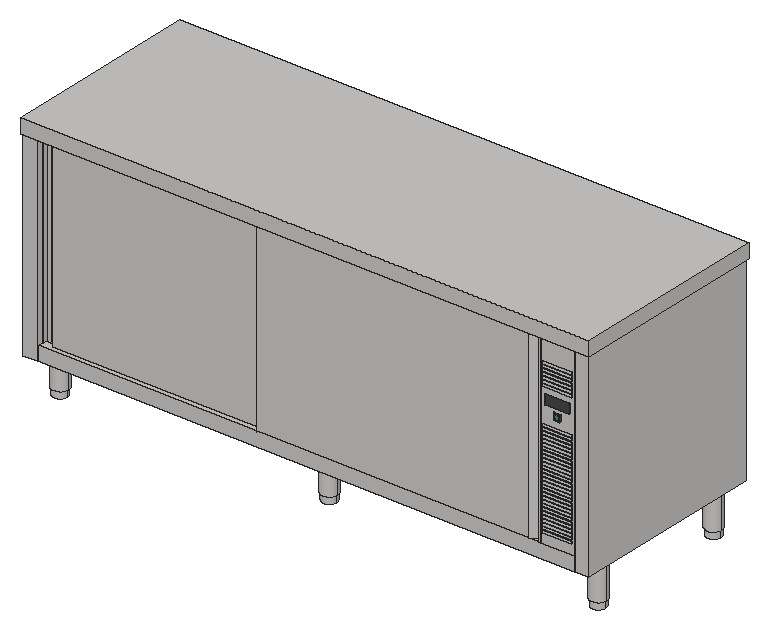
Revit family "QF_ELECTROLUXPROFESSIONAL_132875_MSR2007N", category Attrezzature speciali, Revit 2020
Family settings
  Quota connettore circolare = Usa diametro
  Tipo di parte = Normale
  Basato su piano di lavoro = No
  Sempre verticale = Sì
  Taglio con vuoti quando caricato = No
  Condiviso = No
  Punto di calcolo locali = No
Parameters (values of type "Standard")
  Weight = 75.00 kg
  Watts = 2400 W
  Volts = 220 V
  URL Manufacturer = "https://www.electroluxprofessional.com/"
  URL = "https://www.electroluxprofessional.com/"
  Steam Supply Size = 0 mm
  Steam Supply Minimum Pressure = 0.0 Pa
  Steam Supply Maximum Pressure = 0.0 Pa
  Steam Consumption per Hour = 0
  Refrigeration Suction Line Size = 0.0 mm
  Refrigeration Liquid Line Size = 0.0 mm
  Refrigerant Compressor Remote = yes
  Prospetto di default = 0.0 mm
  Produttore = "Electrolux Professional"
  Phase = 1
  Modello = "MSR2007N"
  Length Actual = 2000.0 mm  # constant formula
  Item Number = "132875"
  Hot Water Size = 0 mm
  Height Actual = 900.0 mm  # constant formula
  HP = "3.2 HP"
  Gas Size = 0 mm
  Gas KW = 0
  Gas Input Pressure = 0 W
  Direct Waste Size = 0 mm
  Descrizione = "HOT CUPBOARD 2000MM"
  Depth Actual = 700.0 mm  # constant formula
  Cycle = 50 Hz
  Condensate Return Size = 0 mm
  Compressed Air Volume = 0.0 L/s
  Compressed Air Size = 0 mm
  Compressed Air Pressure = 0.0 Pa
  Cold Water Size = 0 mm
  Accessory = yes
Reference planes
  plane 1 "Center (Front/Back)": y = 0
  plane 2: z = 0
  plane 3 "Center (Left/Right)": x = -500
  plane 4 "LEFT": x = -1500
  plane 5 "RIGHT": x = 500
  plane 6 "BACK": y = 350
  plane 7 "FRONT": y = -350
  plane 8 "Base": z = 850
  plane 9 "TOP": z = 900
  plane 10: x = -1446.5
  plane 11: x = 446.5
  plane 12: y = 264.5
  plane 13: y = -241.5
  plane 14 "BodyLeft": x = -1494.5
  plane 15 "BodyFront": y = -344.5
  plane 16 "BodyRight": x = 494.5
  plane 17 "BodyBack": y = 344.5
  plane 18 "FEET": z = 150
  plane 19: x = 324.5
  plane 20: x = -561
  plane 21: x = 444.5
  plane 22 "EIx": x = 400
  plane 23 "EIy": y = -170
Forms (mm)
  Extrusion 1, solid, material "QF_Finishes_Stainless Steel"
    sketch origin (-500, 0, 0) x (0, 1, 0) y (0, 0, 1)
      loop
        line (-350, 850) -> (350, 850) -> (350, 900) -> (-350, 900) -> (-350, 850)
    from 1000 to -1000
  Extrusion 2, solid, material "QF_Finishes_Stainless Steel"
    sketch origin (0, 0, 150) x (-1, 0, 0) y (0, -1, 0)
      loop
        line (1494.5, -344.5) -> (1494.5, 344.5) -> (1444.5, 344.5) -> (1444.5, -344.5) -> (1494.5, -344.5)
      loop
        line (-444.5, -344.5) -> (-444.5, 344.5) -> (-494.5, 344.5) -> (-494.5, -344.5) -> (-444.5, -344.5)
    from 0 to 700
  Extrusion 3, solid, material "QF_Finishes_Stainless Steel"
    sketch origin (0, 0, 150) x (-1, 0, 0) y (0, -1, 0)
      loop
        line (1444.5, -344.5) -> (1444.5, 344.5) -> (-444.5, 344.5) -> (-444.5, -344.5) -> (1444.5, -344.5)
    from 0 to 50
  Extrusion 4, solid, material "QF_Finishes_Stainless Steel"
    sketch origin (-1, 0, 150) x (-1, 0, 0) y (0, -1, 0)
      loop
        line (-325.5, 344.5) -> (-325.5, 324.5) -> (670.5, 324.5) -> (670.5, 344.5) -> (-285.5, 344.5) -> (-305.5, 329.5) -> (-320.5, 329.5) -> (-320.5, 344.5) -> (-325.5, 344.5)
    from 50 to 700
  Extrusion 5, solid, material "QF_Finishes_Stainless Steel"
    sketch origin (1, 20, 150) x (1, 0, 0) y (0, 1, 0)
      loop
        line (-1445.5, -344.5) -> (-1440.5, -344.5) -> (-1440.5, -329.5) -> (-1425.5, -329.5) -> (-1405.5, -344.5) -> (-451.5, -344.5) -> (-451.5, -324.5) -> (-1445.5, -324.5) -> (-1445.5, -344.5)
    from 50 to 700
  Extrusion 6, solid, material "QF_Finishes_Stainless Steel"
    sketch origin (0, 0, 0) x (1, 0, 0) y (0, 1, 0)
      loop
        line (-1444.5, -304.5) -> (324.5, -304.5) -> (324.5, 324.5) -> (-1444.5, 324.5) -> (-1444.5, -304.5)
    from 500 to 540
  Extrusion 7, solid, material "QF_Finishes_Stainless Steel"
    sketch origin (0, 0, 0) x (1, 0, 0) y (0, 1, 0)
      loop
        line (444.5, 344.5) -> (-1444.5, 344.5) -> (-1444.5, 324.5) -> (444.5, 324.5) -> (444.5, 344.5)
    from 200 to 850
  Extrusion 8, solid, material "QF_Finishes_Stainless Steel"
    sketch origin (0, 0, 150) x (-1, 0, 0) y (0, -1, 0)
      loop
        circle (-400, 170) r 10
    from 0 to -5
Cuts and joins
  joined: Extrusion 3, Extrusion 7
Lines and regions (mm)
  symbolic lines
    curve 1: line (500, 350, 900) -> (-1500, 350, 900)
    curve 2: line (-1500, 350, 900) -> (-1500, -350, 900)
    curve 3: line (-1500, -350, 900) -> (500, -350, 900)
    curve 4: line (500, -350, 900) -> (500, 350, 900)
  symbolic lines, style "SpecialityEquipmentHiddenLines"
    curve 5: line (-1494.5, 344.5, 150) -> (494.5, 344.5, 150)
    curve 6: line (-1494.5, -344.5, 150) -> (-1494.5, 344.5, 150)
    curve 7: line (494.5, -344.5, 150) -> (-1494.5, -344.5, 150)
    curve 8: line (494.5, 344.5, 150) -> (494.5, -344.5, 150)
    curve 9: line (-1445.5, -304.5, 150) -> (-449.5, -304.5, 150)
    curve 10: line (-449.5, -304.5, 150) -> (-449.5, -324.5, 150)
    curve 11: line (-1445.5, -324.5, 150) -> (324.5, -324.5, 150)
    curve 12: line (324.5, -324.5, 150) -> (324.5, -344.5, 150)
    curve 13: line (-1445.5, -304.5, 150) -> (-1445.5, -324.5, 150)
    curve 14: line (-671.5, -344.5, 0) -> (-671.5, -324.5, 0)
Dimensions and locks
  plane 4 "LEFT" to plane 5 "RIGHT" = 2000.0 mm
  equal spacing: plane 4 "LEFT", plane 3 "Center (Left/Right)", plane 5 "RIGHT"
  locked: plane 8 "Base" to level at 850
  plane 9 "TOP" to level = 900.0 mm
  plane 6 "BACK" to plane 7 "FRONT" = 700.0 mm
  equal spacing: plane 6 "BACK", plane 1 "Center (Front/Back)", plane 7 "FRONT"
  locked: plane 4 "LEFT" to plane 14 "BodyLeft" at 5.5
  locked: plane 16 "BodyRight" to plane 5 "RIGHT" at 5.5
  locked: plane 15 "BodyFront" to plane 7 "FRONT" at 5.5
  locked: plane 6 "BACK" to plane 17 "BodyBack" at 5.5
  locked: plane 14 "BodyLeft" to plane 10 at 48
  locked: plane 11 to plane 16 "BodyRight" at 48
  locked: plane 13 to plane 15 "BodyFront" at 103
  locked: plane 17 "BodyBack" to plane 12 at 80
  plane 10 to plane 11 = 1893.0 mm
  plane 12 to plane 13 = 506.0 mm
  locked: plane 14 "BodyLeft" to Extrusion 2 sketch curve at 50
  locked: Extrusion 2 sketch curve to Extrusion 2 sketch curve at 50
  equal spacing: plane 10, plane 20, plane 19
  locked: plane 21 to plane 16 "BodyRight" at 50
  locked: plane 19 to plane 21 at 120
  locked: Extrusion 4 sketch curve to plane 20 at 110.5
  locked: plane 20 to Extrusion 5 sketch curve at 110.5
  locked: plane 18 "FEET" to level at 150
  locked: plane 22 "EIx" to plane 5 "RIGHT" at 100
  plane 23 "EIy" to plane 7 "FRONT" = 180.0 mm
  aligned and locked: level to plane 2
  aligned and locked: plane 10 to nested 1
  aligned and locked: nested 1 to plane 13
  aligned and locked: plane 11 to nested 2
  aligned and locked: nested 2 to plane 13
  aligned and locked: plane 11 to nested 4
  aligned and locked: nested 4 to plane 12
  aligned and locked: plane 10 to nested 3
  aligned and locked: nested 3 to plane 12
  aligned and locked: Extrusion 1 to plane 4 "LEFT"
  aligned and locked: plane 5 "RIGHT" to Extrusion 1
  aligned and locked: curve 2 to plane 4 "LEFT"
  aligned and locked: plane 17 "BodyBack" to Extrusion 2 sketch curve
  aligned and locked: Extrusion 2 sketch curve to plane 15 "BodyFront"
  aligned and locked: Extrusion 2 sketch curve to plane 14 "BodyLeft"
  aligned and locked: plane 16 "BodyRight" to Extrusion 2 sketch curve
  aligned and locked: Extrusion 2 sketch curve to plane 17 "BodyBack"
  aligned and locked: plane 15 "BodyFront" to Extrusion 2 sketch curve
  aligned and locked: Extrusion 3 sketch curve to plane 17 "BodyBack"
  aligned and locked: plane 15 "BodyFront" to Extrusion 3 sketch curve
  aligned and locked: plane 8 "Base" to Extrusion 2
  aligned and locked: plane 8 "Base" to Extrusion 4
  aligned and locked: Extrusion 4 to Extrusion 3
  aligned and locked: Extrusion 1 to plane 8 "Base"
  aligned and locked: plane 9 "TOP" to Extrusion 1
  aligned and locked: curve 5 to plane 17 "BodyBack"
  aligned and locked: plane 14 "BodyLeft" to curve 6
  aligned and locked: plane 15 "BodyFront" to curve 7
  aligned and locked: plane 16 "BodyRight" to curve 8
  aligned and locked: Extrusion 3 to Extrusion 2  (x2)
  aligned and locked: Extrusion 6 sketch curve to Extrusion 2
  aligned and locked: Extrusion 6 sketch curve to Extrusion 5
  aligned and locked: nested 5 to plane 21
  aligned and locked: Extrusion 7 sketch curve to Extrusion 2
  aligned and locked: Extrusion 6 sketch curve to plane 19
  aligned and locked: plane 3 "Center (Left/Right)" to nested 6
  aligned and locked: plane 3 "Center (Left/Right)" to nested 7
Automatic sketch dimensions
  curve 14 to plane 15 "BodyFront" = 0.0 mm
  plane 15 "BodyFront" to curve 14 = 20.0 mm
  curve 14 to plane 20 = 110.5 mm
  curve 3 to plane 7 "FRONT" = 0.0 mm
  curve 4 to plane 6 "BACK" = 0.0 mm
  Extrusion 1 sketch curve to plane 7 "FRONT" = 0.0 mm
  Extrusion 1 sketch curve to plane 6 "BACK" = 0.0 mm
  Extrusion 1 sketch curve to plane 8 "Base" = 0.0 mm
  Extrusion 1 sketch curve to plane 9 "TOP" = 0.0 mm
  Extrusion 3 sketch curve to plane 21 = 0.0 mm
  plane 10 to Extrusion 3 sketch curve = 2.0 mm
  Extrusion 4 sketch curve to plane 19 = 0.0 mm
  Extrusion 4 sketch curve to plane 15 "BodyFront" = 0.0 mm  (x2)
  Extrusion 4 sketch curve to Extrusion 4 sketch curve = 5.0 mm
  Extrusion 4 sketch curve to Extrusion 4 sketch curve = 15.0 mm  (x2)
  Extrusion 4 sketch curve to Extrusion 4 sketch curve = 20.0 mm  (x2)
  Extrusion 5 sketch curve to plane 15 "BodyFront" = 20.0 mm  (x2)
  Extrusion 5 sketch curve to plane 10 = 42.0 mm
  Extrusion 5 sketch curve to plane 10 = 22.0 mm
  Extrusion 5 sketch curve to plane 10 = 7.0 mm
  Extrusion 5 sketch curve to plane 10 = 2.0 mm
  Extrusion 5 sketch curve to Extrusion 5 sketch curve = 15.0 mm
  Extrusion 5 sketch curve to Extrusion 5 sketch curve = 20.0 mm
  plane 21 to curve 12 = 120.0 mm
  curve 7 to plane 15 "BodyFront" = 0.0 mm
  plane 3 "Center (Left/Right)" to curve 9 = 50.5 mm
  plane 10 to curve 11 = 1.0 mm
  plane 15 "BodyFront" to curve 9 = 40.0 mm
  curve 11 to curve 12 = 20.0 mm
  plane 12 to Extrusion 6 sketch curve = 60.0 mm
  Extrusion 7 sketch curve to plane 17 "BodyBack" = 0.0 mm
  Extrusion 7 sketch curve to plane 21 = 0.0 mm
  Extrusion 7 sketch curve to plane 17 "BodyBack" = 20.0 mm
  curve 4 to plane 5 "RIGHT" = 0.0 mm
  Extrusion 8 sketch curve to plane 22 "EIx" = 0.0 mm
  Extrusion 8 sketch curve to plane 23 "EIy" = 0.0 mm
  radius of Extrusion 8 sketch curve = 10.0 mm
Nested families
  nested 1: "FEET_D58-150" at (-1446.5, -241.5, 0), type "FEET_D58-150"
  nested 2: "FEET_D58-150" at (446.5, -241.5, 0), type "FEET_D58-150"
  nested 3: "FEET_D58-150" at (-1446.5, 264.5, 0), type "FEET_D58-150"
  nested 4: "FEET_D58-150" at (446.5, 264.5, 0), type "FEET_D58-150"
  nested 5: "WT_PNL120x650" at (531.42, -304.5, 600) x (1, 0, 0) z (0, -1, 0), type "WT_PNL120x650"
    with Show Logo yes
  nested 6: "FEET_D58-150" at (-500, -241.5, 0), type "FEET_D58-150"
  nested 7: "FEET_D58-150" at (-500, 264.5, 0), type "FEET_D58-150"
Connectors
  electrical at (400, -170, 145)
    settings: on Extrusion 8, index 1, voltage 0 V, apparent load 0 VA, apparent load phase1 0 VA, apparent load phase2 0 VA, apparent load phase3 0 VA, power factor 1, load classification "Other", number of poles 1, system type 30, power factor state 1, is connector primary yes, connector utility no, sub classification motor no, connector description "Electrical connection"
Definition of nested family "FEET_D58-150"
  Parameters
    Default Elevation = 0.0 mm
    FEET = 150.0 mm
  Reference planes
    plane 1 "Center (Front/Back)": y = 0
    plane 2: z = 0
    plane 3 "Center (Left/Right)": x = 0
    plane 4: z = 150
  Forms (mm)
    Extrusion 1, solid
      sketch origin (0, 0, 0) x (1, 0, 0) y (0, 1, 0)
        loop
          circle (0, 0) r 25
      from 0 to 25
    Extrusion 2, solid
      sketch origin (0, 0, 0) x (1, 0, 0) y (0, 1, 0)
        loop
          circle (0.061, 0) r 29
      from 25 to 150 <- "FEET"
  Lines and regions (mm)
    symbolic lines
      curve 1: line (0, -1.503, 0) -> (0, 1.508, 0)
      curve 2: line (1.561, 0, 0) -> (-1.439, 0, 0)
  Dimensions and locks
    "FEET": plane 4 to plane 2
    aligned and locked: level to plane 2
  Automatic sketch dimensions
    plane 1 "Center (Front/Back)" to Extrusion 1 sketch curve = 0.0 mm
    Extrusion 1 sketch curve to plane 3 "Center (Left/Right)" = 0.0 mm
    plane 1 "Center (Front/Back)" to curve 2 = 0.0 mm
    curve 1 to plane 3 "Center (Left/Right)" = 0.0 mm
    curve 2 to plane 3 "Center (Left/Right)" = 1.439 mm
    plane 3 "Center (Left/Right)" to curve 2 = 1.561 mm
    plane 1 "Center (Front/Back)" to curve 1 = 1.503 mm
    curve 1 to plane 1 "Center (Front/Back)" = 1.508 mm
    plane 1 "Center (Front/Back)" to Extrusion 2 sketch curve = 0.0 mm
    plane 3 "Center (Left/Right)" to Extrusion 2 sketch curve = 0.061 mm
    radius of Extrusion 1 sketch curve = 25.0 mm
    radius of Extrusion 2 sketch curve = 29.0 mm
Definition of nested family "WT_PNL120x650"
  Parameters
    Show Logo [instance] = yes
    Default Elevation = 1219.2 mm
  Reference planes
    plane 1 "Center (Front/Back)": y = -75
    plane 2: z = 0
    plane 3 "Center (Left/Right)": x = -146.92
    plane 4: x = -206.92
    plane 5: x = -86.92
    plane 6: y = 250
    plane 7: y = -400
    plane 8 "TOP": z = 40
  Forms (mm)
    Extrusion 1, solid
      sketch origin (0, 0, 0) x (1, 0, 0) y (0, 1, 0)
        loop
          line (-1219.2, 1219.2) -> (-1219.2, -1219.2) -> (1219.2, -1219.2) -> (1219.2, 1219.2) -> (-1219.2, 1219.2)
      from 0 to -304.8
    Extrusion 2, solid
      sketch origin (0, 0, 0) x (1, 0, 0) y (0, 1, 0)
        loop
          line (-206.92, 250) -> (-206.92, -400) -> (-86.92, -400) -> (-86.92, 250) -> (-206.92, 250)
      from 0 to 40
    Extrusion 3, void
      sketch origin (0, 0, 40) x (-1, 0, 0) y (0, -1, 0)
        loop
          arc (101.92, -68.899) -> (103.795, -73.256) -> (108.247, -74.89) r 6
          line (108.247, -74.89) -> (185.92, -74.89)
          arc (185.92, -74.89) -> (190.163, -73.133) -> (191.92, -68.89) r 6
          line (191.92, -68.89) -> (191.92, -45.89)
          arc (191.92, -45.89) -> (190.163, -41.648) -> (185.92, -39.89) r 6
          line (185.92, -39.89) -> (107.92, -39.89)
          arc (107.92, -39.89) -> (103.677, -41.648) -> (101.92, -45.89) r 6
          line (101.92, -45.89) -> (101.92, -68.899)
        loop
          line (158.92, -27.89) -> (158.92, -2.89) -> (134.92, -2.89) -> (134.92, -27.89) -> (158.92, -27.89)
      from -2 to 0
    Extrusion 4, solid
      sketch origin (0, 0, 40) x (-1, 0, 0) y (0, -1, 0)
        loop
          line (185.92, -39.89) -> (107.92, -39.89)
          arc (107.92, -39.89) -> (103.677, -41.648) -> (101.92, -45.89) r 6
          line (101.92, -45.89) -> (101.92, -68.899)
          arc (101.92, -68.899) -> (103.795, -73.256) -> (108.247, -74.89) r 6
          line (108.247, -74.89) -> (185.92, -74.89)
          arc (185.92, -74.89) -> (190.163, -73.133) -> (191.92, -68.89) r 6
          line (191.92, -68.89) -> (191.92, -45.89)
          arc (191.92, -45.89) -> (190.163, -41.648) -> (185.92, -39.89) r 6
      from -2 to 1
    Extrusion 5, solid
      sketch origin (-146.92, 0, 0) x (0, 1, 0) y (0, 0, 1)
        loop
          line (95.896, 40) -> (104.899, 40) -> (95.896, 41.206) -> (95.896, 40)
        loop
          line (107.896, 40) -> (116.899, 40) -> (107.896, 41.206) -> (107.896, 40)
        loop
          line (119.896, 40) -> (128.899, 40) -> (119.896, 41.206) -> (119.896, 40)
        loop
          line (131.896, 40) -> (140.899, 40) -> (131.896, 41.206) -> (131.896, 40)
        loop
          line (143.896, 40) -> (152.899, 40) -> (143.896, 41.206) -> (143.896, 40)
        loop
          line (155.896, 40) -> (164.899, 40) -> (155.896, 41.206) -> (155.896, 40)
        loop
          line (167.896, 40) -> (176.899, 40) -> (167.896, 41.206) -> (167.896, 40)
        loop
          line (-102.104, 40) -> (-93.101, 40) -> (-102.104, 41.206) -> (-102.104, 40)
        loop
          line (-90.104, 40) -> (-81.101, 40) -> (-90.104, 41.206) -> (-90.104, 40)
        loop
          line (-78.104, 40) -> (-69.101, 40) -> (-78.104, 41.206) -> (-78.104, 40)
        loop
          line (-66.104, 40) -> (-57.101, 40) -> (-66.104, 41.206) -> (-66.104, 40)
        loop
          line (-54.104, 40) -> (-45.101, 40) -> (-54.104, 41.206) -> (-54.104, 40)
        loop
          line (-42.104, 40) -> (-33.101, 40) -> (-42.104, 41.206) -> (-42.104, 40)
        loop
          line (-30.104, 40) -> (-21.101, 40) -> (-30.104, 41.206) -> (-30.104, 40)
        loop
          line (-174.104, 40) -> (-165.101, 40) -> (-174.104, 41.206) -> (-174.104, 40)
        loop
          line (-162.104, 40) -> (-153.101, 40) -> (-162.104, 41.206) -> (-162.104, 40)
        loop
          line (-150.104, 40) -> (-141.101, 40) -> (-150.104, 41.206) -> (-150.104, 40)
        loop
          line (-138.104, 40) -> (-129.101, 40) -> (-138.104, 41.206) -> (-138.104, 40)
        loop
          line (-126.104, 40) -> (-117.101, 40) -> (-126.104, 41.206) -> (-126.104, 40)
        loop
          line (-114.104, 40) -> (-105.101, 40) -> (-114.104, 41.206) -> (-114.104, 40)
        loop
          line (-246.104, 40) -> (-237.101, 40) -> (-246.104, 41.206) -> (-246.104, 40)
        loop
          line (-234.104, 40) -> (-225.101, 40) -> (-234.104, 41.206) -> (-234.104, 40)
        loop
          line (-222.104, 40) -> (-213.101, 40) -> (-222.104, 41.206) -> (-222.104, 40)
        loop
          line (-210.104, 40) -> (-201.101, 40) -> (-210.104, 41.206) -> (-210.104, 40)
        loop
          line (-198.104, 40) -> (-189.101, 40) -> (-198.104, 41.206) -> (-198.104, 40)
        loop
          line (-186.104, 40) -> (-177.101, 40) -> (-186.104, 41.206) -> (-186.104, 40)
        loop
          line (-318.104, 40) -> (-309.101, 40) -> (-318.104, 41.206) -> (-318.104, 40)
        loop
          line (-306.104, 40) -> (-297.101, 40) -> (-306.104, 41.206) -> (-306.104, 40)
        loop
          line (-294.104, 40) -> (-285.101, 40) -> (-294.104, 41.206) -> (-294.104, 40)
        loop
          line (-282.104, 40) -> (-273.101, 40) -> (-282.104, 41.206) -> (-282.104, 40)
        loop
          line (-270.104, 40) -> (-261.101, 40) -> (-270.104, 41.206) -> (-270.104, 40)
        loop
          line (-258.104, 40) -> (-249.101, 40) -> (-258.104, 41.206) -> (-258.104, 40)
        loop
          line (-366.104, 40) -> (-357.101, 40) -> (-366.104, 41.206) -> (-366.104, 40)
        loop
          line (-354.104, 40) -> (-345.101, 40) -> (-354.104, 41.206) -> (-354.104, 40)
        loop
          line (-342.104, 40) -> (-333.101, 40) -> (-342.104, 41.206) -> (-342.104, 40)
        loop
          line (-330.104, 40) -> (-321.101, 40) -> (-330.104, 41.206) -> (-330.104, 40)
      from -50 to 50
    Extrusion 6, solid
      sketch origin (0, 0, 40) x (-1, 0, 0) y (0, -1, 0)
        loop
          line (134.92, -27.89) -> (158.92, -27.89) -> (158.92, -2.89) -> (134.92, -2.89) -> (134.92, -27.89)
        loop
          circle (146.92, -15.39) r 9
      from -2 to 3
    Extrusion 7, solid
      sketch origin (0, 0, 40) x (-1, 0, 0) y (0, -1, 0)
        loop
          circle (146.92, -15.39) r 9
      from 0 to 3
  Cuts and joins
    Extrusion 3 cuts Extrusion 2
  Dimensions and locks
    equal spacing: plane 6, plane 1 "Center (Front/Back)", plane 7
    equal spacing: plane 4, plane 3 "Center (Left/Right)", plane 5
    plane 8 "TOP" to level = 40.0 mm
    aligned and locked: plane 2 to Extrusion 1
    aligned and locked: level to Extrusion 1
  Automatic sketch dimensions
    Extrusion 1 sketch curve to Extrusion 1 sketch curve = 2438.4 mm  (x2)
    Extrusion 2 sketch curve to plane 4 = 0.0 mm
    Extrusion 2 sketch curve to plane 5 = 0.0 mm
    Extrusion 2 sketch curve to plane 7 = 0.0 mm
    Extrusion 2 sketch curve to plane 6 = 0.0 mm
    Extrusion 5 sketch curve to plane 8 "TOP" = 0.0 mm  (x36)
    Extrusion 5 sketch curve to Extrusion 5 sketch curve = 9.003 mm  (x35)
    plane 8 "TOP" to Extrusion 5 sketch curve = 1.206 mm  (x22)
    Extrusion 5 sketch curve to Extrusion 5 sketch curve = 2.997 mm  (x33)
    plane 1 "Center (Front/Back)" to Extrusion 5 sketch curve = 6.101 mm
    plane 1 "Center (Front/Back)" to Extrusion 5 sketch curve = 3.104 mm
    Extrusion 5 sketch curve to plane 1 "Center (Front/Back)" = 5.899 mm
    Extrusion 5 sketch curve to Extrusion 5 sketch curve = 116.997 mm
    Extrusion 5 sketch curve to Extrusion 5 sketch curve = 1.206 mm  (x14)
    Extrusion 4 sketch curve to plane 5 = 15.0 mm
    Extrusion 4 sketch curve to Extrusion 4 sketch curve = 6.0 mm  (x3)
    Extrusion 4 sketch curve to Extrusion 4 sketch curve = 0.327 mm
    plane 4 to Extrusion 4 sketch curve = 21.0 mm  (x2)
    Extrusion 4 sketch curve to plane 1 "Center (Front/Back)" = 149.89 mm
    Extrusion 4 sketch curve to Extrusion 4 sketch curve = 23.009 mm
    Extrusion 3 sketch curve to plane 5 = 15.0 mm
    Extrusion 3 sketch curve to Extrusion 3 sketch curve = 6.0 mm  (x3)
    Extrusion 3 sketch curve to Extrusion 3 sketch curve = 0.327 mm
    plane 3 "Center (Left/Right)" to Extrusion 3 sketch curve = 12.0 mm
    Extrusion 3 sketch curve to plane 3 "Center (Left/Right)" = 12.0 mm
    plane 4 to Extrusion 3 sketch curve = 21.0 mm  (x2)
    Extrusion 3 sketch curve to plane 1 "Center (Front/Back)" = 149.89 mm
    Extrusion 3 sketch curve to Extrusion 3 sketch curve = 23.0 mm
    Extrusion 3 sketch curve to Extrusion 3 sketch curve = 12.0 mm
    Extrusion 3 sketch curve to Extrusion 3 sketch curve = 25.0 mm
    Extrusion 6 sketch curve to plane 3 "Center (Left/Right)" = 0.0 mm
    plane 3 "Center (Left/Right)" to Extrusion 6 sketch curve = 12.0 mm
    Extrusion 6 sketch curve to plane 3 "Center (Left/Right)" = 12.0 mm
    Extrusion 6 sketch curve to plane 1 "Center (Front/Back)" = 102.89 mm
    Extrusion 6 sketch curve to Extrusion 6 sketch curve = 12.5 mm  (x2)
    Extrusion 7 sketch curve to plane 3 "Center (Left/Right)" = 0.0 mm
    Extrusion 7 sketch curve to plane 1 "Center (Front/Back)" = 90.39 mm
    radius of Extrusion 6 sketch curve = 9.0 mm
    radius of Extrusion 7 sketch curve = 9.0 mm
